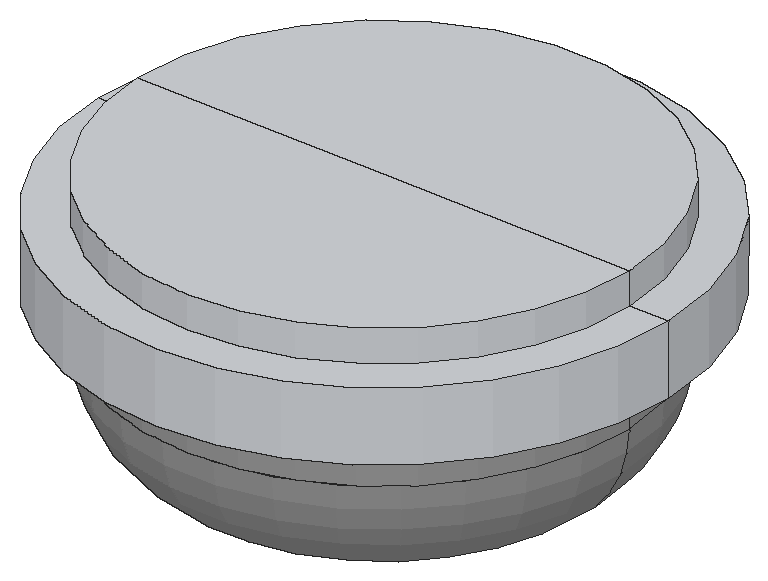
Revit family "O10-S290 LED 1000 AC 830 BL", category Lighting Fixtures, Revit 2016
Family settings
  Part Type = Normal
  Round Connector Dimension = Use Diameter
  OmniClass Number = 23.80.70.00
  OmniClass Title = Lighting
  Work Plane-Based = No
  Always vertical = Yes
  Cut with Voids When Loaded = No
  Light Source = Yes
  Shared = No
  Room Calculation Point = No
Parameters
  Wiring Accessories = ""
  Wattage Comments = ""
  Wattage = 12 W
  VoltageMax = 240 V
  built-in parameter 1150110 = 1 (stored number, unit not read)
  Voltage = 220 V
  UpdateDate = "05.02.2018 18:30:02"
  URL UK = "http://glamox.com/uk/products/O10-S290/items/O10113300"
  URL Sweden = "http://glamox.com/se/produkter/O10-S290/items/O10113300"
  URL Russia = "http://glamox.com/ru/products/O10-S290/items/O10113300"
  URL Other = "http://glamox.com/gsx/products/O10-S290/items/O10113300"
  URL Norway = "http://glamox.com/no/produkter/O10-S290/items/O10113300"
  URL Ireland = "http://glamox.com/ie/products/O10-S290/items/O10113300"
  URL Germany = "http://glamox.com/de/products/O10-S290/items/O10113300"
  URL Finland = "http://glamox.com/fi/products/O10-S290/items/O10113300"
  URL Estonia = "http://glamox.com/ee/products/O10-S290/items/O10113300"
  URL Denmark = "http://glamox.com/dk/produkter/O10-S290/items/O10113300"
  URL = ""
  TypeOfEmergency = ""
  TypeOfBallast = ""
  TotalWattage = 12 W
  Total Load = 12 W
  built-in parameter 1114217 = 1 (stored number, unit not read)
  Top Radius = Radius - 32.5 mm  # 112.5 mm
  Tilt Angle = 90.00°
  Termination = "5x2x2,5 PI"
  built-in parameter 1150109 = 1 (stored number, unit not read)
  built-in parameter 1150134 = (empty or 0)
  built-in parameter 1150113 = 1 (stored number, unit not read)
  Specification = "Outdoor product, in Aluminium, for Surface/Wall mounting, impact classification IK10, IP66, light source LED, lumen out 967lm, ballast type AC, with light source type CRI>80, 3000K, with Polycarbonate diffuser."
  Remark = ""
  RatedVoltage = 220 V
  PowerFactor = 98.00%
  Power Factor = 0.98
  Plug Type = ""
  Photometric Web File = "O10-S290-LED-1000-830.ies"
  Optic = ""
  Number of Poles = 1
  NominalFrequencyRange = 50 Hz
  ModelReference = "O10-S290"
  ModelLabel = "O10-S290 LED 1000 AC 830 BL"
  Maximum TA = 40
  MaintenanceFactor = 0
  MFArtNo = "O10113300"
  LumDiameter = Diameter  # 290 mm
  Load Classification [instance] = Lighting
  Model = ""
  Manufacturer = "Glamox"
  Lumens = 967 lm
  built-in parameter 1150115 = 1 (stored number, unit not read)
  built-in parameter 1150105 = 76.951 (stored number, unit not read)
  LightFixturePlacingType = "CEILING"
  LightFixtureMountingType = "SURFACE"
  built-in parameter 1150137 = (empty or 0)
  built-in parameter 1150139 = (empty or 0)
  LampBase = ""
  Lamp Wattage Comments = ""
  built-in parameter 1150112 = 1 (stored number, unit not read)
  built-in parameter 1150114 = 1 (stored number, unit not read)
  Lamp = "LED"
  built-in parameter 1150132 = 2
  built-in parameter 1150102 = (empty or 0)
  built-in parameter 1150138 = (empty or 0)
  built-in parameter 1150107 = 3000 (stored number, unit not read)
  built-in parameter 1150106 = 0.76951 (stored number, unit not read)
  IP_Code = "66"
  IPClass = "66"
  IK_Code = ""
  IFC Classification = "Light Fixture"
  Height = 131 mm
  GlobalTradeItemNumber = "4741145295802"
  Glamox Mounting = "Surface"
  Glamox Family = "O10-S290"
  Glamox Category = "Outdoor"
  FrequencyMax = 60 Hz
  Frequency = 50 Hz
  Expired = "0"
  Emit from Circle Diameter = LumDiameter  # 290 mm
  Emit Shape Visible in Rendering = yes
  built-in parameter 1150104 = 7.4864 (stored number, unit not read)
  ELNo Norway = ""
  ELNo Finland = ""
  EANNo = "4741145295802"
  DurationInBatteryMode = ""
  Dimming Lamp Color Temperature Shift = Incandescent Lamp Curve
  Diameter = 290 mm
  Description = "O10-S290 LED 1000 AC 830 BL"
  Cut Out = ""
  Completion = ""
  Color Filter = 16777215
  Radius = Diameter / 2  # 145 mm
  Body Material and Colour = Default
  built-in parameter 1114218 = 1 (stored number, unit not read)
  built-in parameter 1150133 = 10 (stored number, unit not read)
  Assembly Code = ""
  ArticleNumber = "O10113300"
  Apparent Load = Total Load / Power Factor  # 12.2449 VA
  #Ballast = 1
  # ballast on a MCB16 type C fuse = "176"
  # ballast on a MCB16 type B fuse = "130"
Reference planes
  plane 1 "Light Source Axis (F/B)": y = 0
  plane 2: z = 0
  plane 3 "Light Source Axis (L/R)": x = 0
  plane 4 "Light Source Elevation": z = -132.079
  plane 5: z = -132.079
  plane 6: x = 145
  plane 7: x = 125
  plane 8: x = 0
  plane 9: y = 145
  plane 10: y = -145
Forms (mm)
  Extrusion 1, solid, material "Default" <- "Body Material and Colour", not visible
    sketch origin (-13.045, 0, -1.079) x (1, 0, 0) y (0, 1, 0)
      loop
        circle (0, 0) r 10
    from -1.079 to 0
  Revolve 2, solid
    sketch origin (0, 0, -1.079) x (-1, 0, 0) y (0, 0, -1)
      loop
        arc (-66, 131) -> (-107.719, 113.719) -> (-125, 72) r 59
        line (-125, 72) -> (-125, 51.079) -> (-125, 48.126) -> (-140, 48.126) -> (-140, 51.079) -> (-145, 51.079) -> (-145, 16.079) -> (-125, 16.079) -> (-125, 0) -> (0, 0) -> (0, 131) -> (-66, 131)
      axis (0, 131) -> (0, 0)
    angle from 0 to 360
Lines and regions (mm)
  symbolic lines
    curve 1: circle (-3.045, 0, -132.079) r 145 normal (0, 0, -1)
    curve 2: line (0, 0, -132.079) -> (100.997, 100.997, -132.079)
    curve 3: line (0, 0, -132.079) -> (100.997, -100.997, -132.079)
    curve 4: line (0, 0, -132.079) -> (-104.042, 104.042, -132.079)
    curve 5: line (0, 0, -132.079) -> (-104.042, -104.042, -132.079)
Dimensions and locks
  "Height": plane 5 to level
  "Radius": plane 6 to plane 8
  equal spacing: plane 9, plane 1 "Light Source Axis (F/B)", plane 10
  aligned and locked: plane 1 "Light Source Axis (F/B)" to imposter light
  aligned and locked: plane 4 "Light Source Elevation" to imposter light
  aligned and locked: plane 1 "Light Source Axis (F/B)" to Extrusion 1 sketch curve
  aligned and locked: Revolve 2 sketch curve to Revolve 2 sketch curve
  aligned and locked: Revolve 2 to Revolve 2
  aligned and locked: plane 5 to imposter light
  aligned and locked: plane 6 to Revolve 2
  aligned and locked: level to Revolve 2 sketch curve
  aligned and locked: plane 4 "Light Source Elevation" to plane 5
  aligned and locked: imposter light to plane 8
  aligned and locked: Revolve 2 sketch curve to plane 4 "Light Source Elevation"
  aligned and locked: imposter light to plane 3 "Light Source Axis (L/R)"
Automatic sketch dimensions
  Extrusion 1 sketch curve to plane 3 "Light Source Axis (L/R)" = 13.045 mm
  Revolve 2 sketch curve to plane 6 = 0 mm
  plane 7 to Revolve 2 sketch curve = 0 mm  (x2)
  plane 3 "Light Source Axis (L/R)" to Revolve 2 sketch curve = 0 mm  (x2)
  Revolve 2 sketch curve to plane 6 = 5 mm
  Revolve 2 sketch curve to Revolve 2 sketch curve = 59 mm
  Revolve 2 sketch curve to level = 16.079 mm
  Revolve 2 sketch curve to Revolve 2 sketch curve = 23.874 mm
  Revolve 2 sketch curve to Revolve 2 sketch curve = 2.953 mm  (x2)
  plane 2 to Revolve 2 sketch curve = 28.842 mm
  Revolve 2 sketch curve to Revolve 2 sketch curve = 16.079 mm
  plane 1 "Light Source Axis (F/B)" to curve 3 = 0 mm
  plane 1 "Light Source Axis (F/B)" to curve 1 = 0 mm
  curve 5 to plane 3 "Light Source Axis (L/R)" = 0 mm
  curve 1 to curve 2 = 3.045 mm
  curve 4 to plane 9 = 40.958 mm
  curve 3 to plane 7 = 24.003 mm
  plane 10 to curve 5 = 40.958 mm
  radius of Extrusion 1 sketch curve = 10 mm
Connectors
  electrical at (-13.045, 0, -1.079), driven by "Voltage", driven by "Total Load", driven by "Number of Poles", driven by "Load Classification", driven by "Power Factor"
    settings: on Extrusion 1, index 1, voltage 220 V, apparent load 0 VA, apparent load phase1 12 VA, apparent load phase2 0 VA, apparent load phase3 0 VA, power factor 0.98, load classification "Lighting", number of poles 1, system type 31, power factor state 1, is connector primary yes, connector utility no, sub classification motor no, connector description ""
